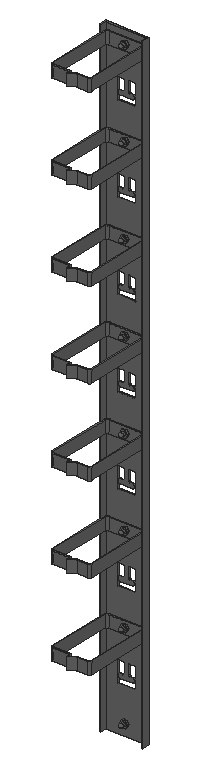
Revit family "Eurolan_Вертикальный организатор Zero-U с 8 металлическими кольцами", category Устройства связи, Revit 2019
Family settings
  Сохранять ориентацию аннотаций = Нет
  Размер круглого соединителя = Использовать диаметр
  Тип детали = Нормальный
  На основе рабочей плоскости = Нет
  Всегда вертикально = Да
  При загрузке вырезать с полостями = Нет
  Общий = Нет
  Точка расчета площади = Нет
Parameters (values of type "Вертикальный организатор Zero-U_с 8 металлическими кольцами")
  ADSK_Примечание = ""
  ADSK_Позиция = ""
  ADSK_Наименование краткое = "Вертикальный организатор Zero-U"
  ADSK_Наименование = "Вертикальный организатор Zero-U, с 8 металлическими кольцами, черный"
  ADSK_Материал = RAL9005
  ADSK_Масса = 0
  ADSK_Марка = "Zero-U"
  ADSK_Количество = 1  # constant formula
  ADSK_Код изделия = "60A-18-16-33BL"
  ADSK_Завод-изготовитель = "Eurolan"  # constant formula
  ADSK_Единица измерения = "шт"  # constant formula
Reference planes
  plane 1 "По центру (Вперед/Назад)": y = 0
  plane 2: z = 0
  plane 3 "По центру (Влево/Вправо)": x = 0
Dimensions and locks
  aligned and locked: level to plane 2
Nested families
  nested 1: "Вертикальный организатор Zero-U" at (0, 0, 0), type "Zero-U_с 8 металлическими кольцами"
Definition of nested family "Вертикальный организатор Zero-U"
  Parameters (values of type "Zero-U_с 8 металлическими кольцами")
    Ширина = 800 mm
    Глубина = 100.2 mm
    Высота = 55 mm
    ADSK_Материал = none
  Reference planes
    plane 1 "По центру (Вперед/Назад)": y = 0
    plane 2: z = 0
    plane 3 "По центру (Влево/Вправо)": x = 0
    plane 4: x = 27.5
    plane 5: x = -27.5
    plane 6: x = 400
    plane 7: y = 100.2
    plane 8: y = 95.2
  Forms (mm)
    Extrusion 1, solid, material <- "ADSK_Материал", detail levels fine
      sketch origin (0, 0, 0) x (1, 0, 0) y (0, 1, 0)
        loop
          line (27.5, 95.2) -> (-27.5, 95.2) -> (-27.5, 85.2) -> (-26, 85.2) -> (-26, 93.7) -> (26, 93.7) -> (26, 85.2) -> (27.5, 85.2) -> (27.5, 95.2)
      from -400 to 400
    Extrusion 2, void
      sketch origin (0, 0, 0) x (0, 0, -1) y (1, 0, 0)
        loop
          line (-343.571, 2.386) -> (-330.624, 2.386)
          arc (-330.624, 2.386) -> (-329.451, 3.265) -> (-328.571, 4.439) r 5.172
          line (-328.571, 4.439) -> (-328.571, 8.572)
          arc (-328.571, 8.572) -> (-326.071, 10.386) -> (-323.571, 8.572) r 2.63
          line (-323.571, 8.572) -> (-323.571, -5.614) -> (-323.571, -8.572)
          arc (-323.571, -8.572) -> (-326.071, -10.386) -> (-328.571, -8.572) r 2.63
          line (-328.571, -8.572) -> (-328.571, -4.439)
          arc (-328.571, -4.439) -> (-329.298, -3.425) -> (-330.246, -2.614) r 5.172
          line (-330.246, -2.614) -> (-343.571, -2.614) -> (-343.571, -11.593) -> (-316.429, -11.593) -> (-316.429, 11.593) -> (-343.571, 11.593) -> (-343.571, 2.386)
        loop
          line (-233.571, 2.386) -> (-220.624, 2.386)
          arc (-220.624, 2.386) -> (-219.451, 3.265) -> (-218.571, 4.439) r 5.172
          line (-218.571, 4.439) -> (-218.571, 8.572)
          arc (-218.571, 8.572) -> (-216.071, 10.386) -> (-213.571, 8.572) r 2.63
          line (-213.571, 8.572) -> (-213.571, -5.614) -> (-213.571, -8.572)
          arc (-213.571, -8.572) -> (-216.071, -10.386) -> (-218.571, -8.572) r 2.63
          line (-218.571, -8.572) -> (-218.571, -4.439)
          arc (-218.571, -4.439) -> (-219.298, -3.425) -> (-220.246, -2.614) r 5.172
          line (-220.246, -2.614) -> (-233.571, -2.614) -> (-233.571, -11.593) -> (-206.429, -11.593) -> (-206.429, 11.593) -> (-233.571, 11.593) -> (-233.571, 2.386)
        loop
          line (-123.571, 2.386) -> (-110.624, 2.386)
          arc (-110.624, 2.386) -> (-109.451, 3.265) -> (-108.571, 4.439) r 5.172
          line (-108.571, 4.439) -> (-108.571, 8.572)
          arc (-108.571, 8.572) -> (-106.071, 10.386) -> (-103.571, 8.572) r 2.63
          line (-103.571, 8.572) -> (-103.571, -5.614) -> (-103.571, -8.572)
          arc (-103.571, -8.572) -> (-106.071, -10.386) -> (-108.571, -8.572) r 2.63
          line (-108.571, -8.572) -> (-108.571, -4.439)
          arc (-108.571, -4.439) -> (-109.298, -3.425) -> (-110.246, -2.614) r 5.172
          line (-110.246, -2.614) -> (-123.571, -2.614) -> (-123.571, -11.593) -> (-96.429, -11.593) -> (-96.429, 11.593) -> (-123.571, 11.593) -> (-123.571, 2.386)
        loop
          line (-13.571, 2.386) -> (-0.624, 2.386)
          arc (-0.624, 2.386) -> (0.549, 3.265) -> (1.429, 4.439) r 5.172
          line (1.429, 4.439) -> (1.429, 8.572)
          arc (1.429, 8.572) -> (3.929, 10.386) -> (6.429, 8.572) r 2.63
          line (6.429, 8.572) -> (6.429, -5.614) -> (6.429, -8.572)
          arc (6.429, -8.572) -> (3.929, -10.386) -> (1.429, -8.572) r 2.63
          line (1.429, -8.572) -> (1.429, -4.439)
          arc (1.429, -4.439) -> (0.702, -3.425) -> (-0.246, -2.614) r 5.172
          line (-0.246, -2.614) -> (-13.571, -2.614) -> (-13.571, -11.593) -> (13.571, -11.593) -> (13.571, 11.593) -> (-13.571, 11.593) -> (-13.571, 2.386)
        loop
          line (96.429, 2.386) -> (109.376, 2.386)
          arc (109.376, 2.386) -> (110.549, 3.265) -> (111.429, 4.439) r 5.172
          line (111.429, 4.439) -> (111.429, 8.572)
          arc (111.429, 8.572) -> (113.929, 10.386) -> (116.429, 8.572) r 2.63
          line (116.429, 8.572) -> (116.429, -5.614) -> (116.429, -8.572)
          arc (116.429, -8.572) -> (113.929, -10.386) -> (111.429, -8.572) r 2.63
          line (111.429, -8.572) -> (111.429, -4.439)
          arc (111.429, -4.439) -> (110.702, -3.425) -> (109.754, -2.614) r 5.172
          line (109.754, -2.614) -> (96.429, -2.614) -> (96.429, -11.593) -> (123.571, -11.593) -> (123.571, 11.593) -> (96.429, 11.593) -> (96.429, 2.386)
        loop
          line (206.429, 2.386) -> (219.376, 2.386)
          arc (219.376, 2.386) -> (220.549, 3.265) -> (221.429, 4.439) r 5.172
          line (221.429, 4.439) -> (221.429, 8.572)
          arc (221.429, 8.572) -> (223.929, 10.386) -> (226.429, 8.572) r 2.63
          line (226.429, 8.572) -> (226.429, -5.614) -> (226.429, -8.572)
          arc (226.429, -8.572) -> (223.929, -10.386) -> (221.429, -8.572) r 2.63
          line (221.429, -8.572) -> (221.429, -4.439)
          arc (221.429, -4.439) -> (220.702, -3.425) -> (219.754, -2.614) r 5.172
          line (219.754, -2.614) -> (206.429, -2.614) -> (206.429, -11.593) -> (233.571, -11.593) -> (233.571, 11.593) -> (206.429, 11.593) -> (206.429, 2.386)
        loop
          line (316.429, 2.386) -> (329.376, 2.386)
          arc (329.376, 2.386) -> (330.549, 3.265) -> (331.429, 4.439) r 5.172
          line (331.429, 4.439) -> (331.429, 8.572)
          arc (331.429, 8.572) -> (333.929, 10.386) -> (336.429, 8.572) r 2.63
          line (336.429, 8.572) -> (336.429, -5.614) -> (336.429, -8.572)
          arc (336.429, -8.572) -> (333.929, -10.386) -> (331.429, -8.572) r 2.63
          line (331.429, -8.572) -> (331.429, -4.439)
          arc (331.429, -4.439) -> (330.702, -3.425) -> (329.754, -2.614) r 5.172
          line (329.754, -2.614) -> (316.429, -2.614) -> (316.429, -11.593) -> (343.571, -11.593) -> (343.571, 11.593) -> (316.429, 11.593) -> (316.429, 2.386)
      from -95.2 to -93.7
    Extrusion 3, solid, material <- "ADSK_Материал", detail levels fine
      sketch origin (0, 0, 0) x (1, 0, 0) y (0, 1, 0)
        loop
          line (-25.192, 88.167) -> (-25.192, 7.399)
          arc (-25.192, 7.399) -> (-24.313, 5.278) -> (-22.192, 4.399) r 3
          line (-22.192, 4.399) -> (0, 4.399) -> (0, 5.899) -> (-22.192, 5.899)
          arc (-22.192, 5.899) -> (-23.253, 6.339) -> (-23.692, 7.399) r 1.5
          line (-23.692, 7.399) -> (-23.692, 88.167)
          arc (-23.692, 88.167) -> (-22.667, 90.641) -> (-20.192, 91.667) r 3.5
          line (-20.192, 91.667) -> (20.192, 91.667)
          arc (20.192, 91.667) -> (22.667, 90.641) -> (23.692, 88.167) r 3.5
          line (23.692, 88.167) -> (23.692, 7.399)
          arc (23.692, 7.399) -> (23.253, 6.339) -> (22.192, 5.899) r 1.5
          line (22.192, 5.899) -> (7.832, 5.899) -> (0, 1.702) -> (0, 0) -> (8.209, 4.399) -> (22.192, 4.399)
          arc (22.192, 4.399) -> (24.313, 5.278) -> (25.192, 7.399) r 3
          line (25.192, 7.399) -> (25.192, 88.167)
          arc (25.192, 88.167) -> (23.727, 91.702) -> (20.192, 93.167) r 5
          line (20.192, 93.167) -> (-20.192, 93.167)
          arc (-20.192, 93.167) -> (-23.727, 91.702) -> (-25.192, 88.167) r 5
      from 376.784 to 391.784
    Extrusion 4, solid, material <- "ADSK_Материал", detail levels fine
      sketch origin (0, 0, 0) x (0, 1, 0) y (-1, 0, 0)
        loop
          line (88.167, 25.192) -> (7.399, 25.192)
          arc (7.399, 25.192) -> (5.278, 24.313) -> (4.399, 22.192) r 3
          line (4.399, 22.192) -> (4.399, 0) -> (5.899, 0) -> (5.899, 22.192)
          arc (5.899, 22.192) -> (6.339, 23.253) -> (7.399, 23.692) r 1.5
          line (7.399, 23.692) -> (88.167, 23.692)
          arc (88.167, 23.692) -> (90.641, 22.667) -> (91.667, 20.192) r 3.5
          line (91.667, 20.192) -> (91.667, -20.192)
          arc (91.667, -20.192) -> (90.641, -22.667) -> (88.167, -23.692) r 3.5
          line (88.167, -23.692) -> (7.399, -23.692)
          arc (7.399, -23.692) -> (6.339, -23.253) -> (5.899, -22.192) r 1.5
          line (5.899, -22.192) -> (5.899, -7.832) -> (1.702, 0) -> (0, 0) -> (4.399, -8.209) -> (4.399, -22.192)
          arc (4.399, -22.192) -> (5.278, -24.313) -> (7.399, -25.192) r 3
          line (7.399, -25.192) -> (88.167, -25.192)
          arc (88.167, -25.192) -> (91.702, -23.727) -> (93.167, -20.192) r 5
          line (93.167, -20.192) -> (93.167, 20.192)
          arc (93.167, 20.192) -> (91.702, 23.727) -> (88.167, 25.192) r 5
      from 376.784 to 391.784
    Extrusion 5, solid, material <- "ADSK_Материал", detail levels fine
      sketch origin (0, 0, -110) x (0, 1, 0) y (-1, 0, 0)
        loop
          line (88.167, 25.192) -> (7.399, 25.192)
          arc (7.399, 25.192) -> (5.278, 24.313) -> (4.399, 22.192) r 3
          line (4.399, 22.192) -> (4.399, 0) -> (5.899, 0) -> (5.899, 22.192)
          arc (5.899, 22.192) -> (6.339, 23.253) -> (7.399, 23.692) r 1.5
          line (7.399, 23.692) -> (88.167, 23.692)
          arc (88.167, 23.692) -> (90.641, 22.667) -> (91.667, 20.192) r 3.5
          line (91.667, 20.192) -> (91.667, -20.192)
          arc (91.667, -20.192) -> (90.641, -22.667) -> (88.167, -23.692) r 3.5
          line (88.167, -23.692) -> (7.399, -23.692)
          arc (7.399, -23.692) -> (6.339, -23.253) -> (5.899, -22.192) r 1.5
          line (5.899, -22.192) -> (5.899, -7.832) -> (1.702, 0) -> (0, 0) -> (4.399, -8.209) -> (4.399, -22.192)
          arc (4.399, -22.192) -> (5.278, -24.313) -> (7.399, -25.192) r 3
          line (7.399, -25.192) -> (88.167, -25.192)
          arc (88.167, -25.192) -> (91.702, -23.727) -> (93.167, -20.192) r 5
          line (93.167, -20.192) -> (93.167, 20.192)
          arc (93.167, 20.192) -> (91.702, 23.727) -> (88.167, 25.192) r 5
      from 376.784 to 391.784
    Extrusion 6, solid, material <- "ADSK_Материал", detail levels fine
      sketch origin (0, 0, -220) x (0, 1, 0) y (-1, 0, 0)
        loop
          line (88.167, 25.192) -> (7.399, 25.192)
          arc (7.399, 25.192) -> (5.278, 24.313) -> (4.399, 22.192) r 3
          line (4.399, 22.192) -> (4.399, 0) -> (5.899, 0) -> (5.899, 22.192)
          arc (5.899, 22.192) -> (6.339, 23.253) -> (7.399, 23.692) r 1.5
          line (7.399, 23.692) -> (88.167, 23.692)
          arc (88.167, 23.692) -> (90.641, 22.667) -> (91.667, 20.192) r 3.5
          line (91.667, 20.192) -> (91.667, -20.192)
          arc (91.667, -20.192) -> (90.641, -22.667) -> (88.167, -23.692) r 3.5
          line (88.167, -23.692) -> (7.399, -23.692)
          arc (7.399, -23.692) -> (6.339, -23.253) -> (5.899, -22.192) r 1.5
          line (5.899, -22.192) -> (5.899, -7.832) -> (1.702, 0) -> (0, 0) -> (4.399, -8.209) -> (4.399, -22.192)
          arc (4.399, -22.192) -> (5.278, -24.313) -> (7.399, -25.192) r 3
          line (7.399, -25.192) -> (88.167, -25.192)
          arc (88.167, -25.192) -> (91.702, -23.727) -> (93.167, -20.192) r 5
          line (93.167, -20.192) -> (93.167, 20.192)
          arc (93.167, 20.192) -> (91.702, 23.727) -> (88.167, 25.192) r 5
      from 376.784 to 391.784
    Extrusion 7, solid, material <- "ADSK_Материал", detail levels fine
      sketch origin (0, 0, -330) x (0, 1, 0) y (-1, 0, 0)
        loop
          line (88.167, 25.192) -> (7.399, 25.192)
          arc (7.399, 25.192) -> (5.278, 24.313) -> (4.399, 22.192) r 3
          line (4.399, 22.192) -> (4.399, 0) -> (5.899, 0) -> (5.899, 22.192)
          arc (5.899, 22.192) -> (6.339, 23.253) -> (7.399, 23.692) r 1.5
          line (7.399, 23.692) -> (88.167, 23.692)
          arc (88.167, 23.692) -> (90.641, 22.667) -> (91.667, 20.192) r 3.5
          line (91.667, 20.192) -> (91.667, -20.192)
          arc (91.667, -20.192) -> (90.641, -22.667) -> (88.167, -23.692) r 3.5
          line (88.167, -23.692) -> (7.399, -23.692)
          arc (7.399, -23.692) -> (6.339, -23.253) -> (5.899, -22.192) r 1.5
          line (5.899, -22.192) -> (5.899, -7.832) -> (1.702, 0) -> (0, 0) -> (4.399, -8.209) -> (4.399, -22.192)
          arc (4.399, -22.192) -> (5.278, -24.313) -> (7.399, -25.192) r 3
          line (7.399, -25.192) -> (88.167, -25.192)
          arc (88.167, -25.192) -> (91.702, -23.727) -> (93.167, -20.192) r 5
          line (93.167, -20.192) -> (93.167, 20.192)
          arc (93.167, 20.192) -> (91.702, 23.727) -> (88.167, 25.192) r 5
      from 376.784 to 391.784
    Extrusion 8, solid, material <- "ADSK_Материал", detail levels fine
      sketch origin (0, 0, -440) x (0, 1, 0) y (-1, 0, 0)
        loop
          line (88.167, 25.192) -> (7.399, 25.192)
          arc (7.399, 25.192) -> (5.278, 24.313) -> (4.399, 22.192) r 3
          line (4.399, 22.192) -> (4.399, 0) -> (5.899, 0) -> (5.899, 22.192)
          arc (5.899, 22.192) -> (6.339, 23.253) -> (7.399, 23.692) r 1.5
          line (7.399, 23.692) -> (88.167, 23.692)
          arc (88.167, 23.692) -> (90.641, 22.667) -> (91.667, 20.192) r 3.5
          line (91.667, 20.192) -> (91.667, -20.192)
          arc (91.667, -20.192) -> (90.641, -22.667) -> (88.167, -23.692) r 3.5
          line (88.167, -23.692) -> (7.399, -23.692)
          arc (7.399, -23.692) -> (6.339, -23.253) -> (5.899, -22.192) r 1.5
          line (5.899, -22.192) -> (5.899, -7.832) -> (1.702, 0) -> (0, 0) -> (4.399, -8.209) -> (4.399, -22.192)
          arc (4.399, -22.192) -> (5.278, -24.313) -> (7.399, -25.192) r 3
          line (7.399, -25.192) -> (88.167, -25.192)
          arc (88.167, -25.192) -> (91.702, -23.727) -> (93.167, -20.192) r 5
          line (93.167, -20.192) -> (93.167, 20.192)
          arc (93.167, 20.192) -> (91.702, 23.727) -> (88.167, 25.192) r 5
      from 376.784 to 391.784
    Extrusion 9, solid, material <- "ADSK_Материал", detail levels fine
      sketch origin (0, 0, -550) x (0, 1, 0) y (-1, 0, 0)
        loop
          line (88.167, 25.192) -> (7.399, 25.192)
          arc (7.399, 25.192) -> (5.278, 24.313) -> (4.399, 22.192) r 3
          line (4.399, 22.192) -> (4.399, 0) -> (5.899, 0) -> (5.899, 22.192)
          arc (5.899, 22.192) -> (6.339, 23.253) -> (7.399, 23.692) r 1.5
          line (7.399, 23.692) -> (88.167, 23.692)
          arc (88.167, 23.692) -> (90.641, 22.667) -> (91.667, 20.192) r 3.5
          line (91.667, 20.192) -> (91.667, -20.192)
          arc (91.667, -20.192) -> (90.641, -22.667) -> (88.167, -23.692) r 3.5
          line (88.167, -23.692) -> (7.399, -23.692)
          arc (7.399, -23.692) -> (6.339, -23.253) -> (5.899, -22.192) r 1.5
          line (5.899, -22.192) -> (5.899, -7.832) -> (1.702, 0) -> (0, 0) -> (4.399, -8.209) -> (4.399, -22.192)
          arc (4.399, -22.192) -> (5.278, -24.313) -> (7.399, -25.192) r 3
          line (7.399, -25.192) -> (88.167, -25.192)
          arc (88.167, -25.192) -> (91.702, -23.727) -> (93.167, -20.192) r 5
          line (93.167, -20.192) -> (93.167, 20.192)
          arc (93.167, 20.192) -> (91.702, 23.727) -> (88.167, 25.192) r 5
      from 376.784 to 391.784
    Extrusion 10, solid, material <- "ADSK_Материал", detail levels fine
      sketch origin (0, 0, -660) x (0, 1, 0) y (-1, 0, 0)
        loop
          line (88.167, 25.192) -> (7.399, 25.192)
          arc (7.399, 25.192) -> (5.278, 24.313) -> (4.399, 22.192) r 3
          line (4.399, 22.192) -> (4.399, 0) -> (5.899, 0) -> (5.899, 22.192)
          arc (5.899, 22.192) -> (6.339, 23.253) -> (7.399, 23.692) r 1.5
          line (7.399, 23.692) -> (88.167, 23.692)
          arc (88.167, 23.692) -> (90.641, 22.667) -> (91.667, 20.192) r 3.5
          line (91.667, 20.192) -> (91.667, -20.192)
          arc (91.667, -20.192) -> (90.641, -22.667) -> (88.167, -23.692) r 3.5
          line (88.167, -23.692) -> (7.399, -23.692)
          arc (7.399, -23.692) -> (6.339, -23.253) -> (5.899, -22.192) r 1.5
          line (5.899, -22.192) -> (5.899, -7.832) -> (1.702, 0) -> (0, 0) -> (4.399, -8.209) -> (4.399, -22.192)
          arc (4.399, -22.192) -> (5.278, -24.313) -> (7.399, -25.192) r 3
          line (7.399, -25.192) -> (88.167, -25.192)
          arc (88.167, -25.192) -> (91.702, -23.727) -> (93.167, -20.192) r 5
          line (93.167, -20.192) -> (93.167, 20.192)
          arc (93.167, 20.192) -> (91.702, 23.727) -> (88.167, 25.192) r 5
      from 376.784 to 391.784
    Extrusion 11, solid, material <- "ADSK_Материал", detail levels fine
      sketch origin (0, 0, 0) x (0, 0, -1) y (1, 0, 0)
        loop
          circle (-296.506, 0) r 10
        loop
          circle (296.506, 0) r 10
      from -96.896 to -95.2
    Blend 12, solid, material <- "ADSK_Материал", detail levels fine
      base sketch origin (0, 0, 0) x (0, 0, -1) y (1, 0, 0)
        loop
          circle (-296.506, 0) r 2.5
      top sketch origin (0, 0, 0) x (0, 0, -1) y (1, 0, 0)
        loop
          circle (-296.506, 0) r 8.53
      from -96.896 to -100.2
    Blend 13, solid, material <- "ADSK_Материал", detail levels fine
      base sketch origin (0, 0, 0) x (0, 0, 1) y (-1, 0, 0)
        loop
          circle (-296.506, 0) r 2.5
      top sketch origin (0, 0, 0) x (0, 0, 1) y (-1, 0, 0)
        loop
          circle (-296.506, 0) r 8.53
      from -96.896 to -100.2
    Extrusion 14, solid, material <- "ADSK_Материал", detail levels fine
      sketch origin (0, 0, 0) x (0, 0, -1) y (1, 0, 0)
        loop
          line (-384.284, -5) -> (-379.954, -2.5) -> (-379.954, 2.5) -> (-384.284, 5) -> (-388.614, 2.5) -> (-388.614, -2.5) -> (-384.284, -5)
        loop
          line (-274.284, -5) -> (-269.954, -2.5) -> (-269.954, 2.5) -> (-274.284, 5) -> (-278.614, 2.5) -> (-278.614, -2.5) -> (-274.284, -5)
        loop
          line (-164.284, -5) -> (-159.954, -2.5) -> (-159.954, 2.5) -> (-164.284, 5) -> (-168.614, 2.5) -> (-168.614, -2.5) -> (-164.284, -5)
        loop
          line (-54.284, -5) -> (-49.954, -2.5) -> (-49.954, 2.5) -> (-54.284, 5) -> (-58.614, 2.5) -> (-58.614, -2.5) -> (-54.284, -5)
        loop
          line (55.716, -5) -> (60.046, -2.5) -> (60.046, 2.5) -> (55.716, 5) -> (51.386, 2.5) -> (51.386, -2.5) -> (55.716, -5)
        loop
          line (165.716, -5) -> (170.046, -2.5) -> (170.046, 2.5) -> (165.716, 5) -> (161.386, 2.5) -> (161.386, -2.5) -> (165.716, -5)
        loop
          line (275.716, -5) -> (280.046, -2.5) -> (280.046, 2.5) -> (275.716, 5) -> (271.386, 2.5) -> (271.386, -2.5) -> (275.716, -5)
        loop
          line (384.284, -5) -> (388.614, -2.5) -> (388.614, 2.5) -> (384.284, 5) -> (379.954, 2.5) -> (379.954, -2.5) -> (384.284, -5)
      from -91.667 to -89.284
    Revolve 15, solid, material <- "ADSK_Материал", detail levels fine
      sketch origin (-0.067, 0, -55.609) x (0, 1, 0) y (-1, 0, 0)
        loop
          line (89.284, 0) -> (83.08, 0)
          arc (83.08, 0) -> (83.689, -1.625) -> (85.284, -2.307) r 2.207
          line (85.284, -2.307) -> (89.284, -2.307) -> (89.284, 0)
        axis (89.284, 0) -> (83.08, 0)
      angle from 0 to 360
    Revolve 16, solid, material <- "ADSK_Материал", detail levels fine
      sketch origin (-0.041, 0, -165.784) x (0, 1, 0) y (-1, 0, 0)
        loop
          line (89.284, 0) -> (83.08, 0)
          arc (83.08, 0) -> (83.689, -1.625) -> (85.284, -2.307) r 2.207
          line (85.284, -2.307) -> (89.284, -2.307) -> (89.284, 0)
        axis (89.284, 0) -> (83.08, 0)
      angle from 0 to 360
    Revolve 17, solid, material <- "ADSK_Материал", detail levels fine
      sketch origin (-0.041, 0, -275.784) x (0, 1, 0) y (-1, 0, 0)
        loop
          line (89.284, 0) -> (83.08, 0)
          arc (83.08, 0) -> (83.689, -1.625) -> (85.284, -2.307) r 2.207
          line (85.284, -2.307) -> (89.284, -2.307) -> (89.284, 0)
        axis (89.284, 0) -> (83.08, 0)
      angle from 0 to 360
    Revolve 18, solid, material <- "ADSK_Материал", detail levels fine
      sketch origin (-0.041, 0, -384.353) x (0, 1, 0) y (-1, 0, 0)
        loop
          line (89.284, 0) -> (83.08, 0)
          arc (83.08, 0) -> (83.689, -1.625) -> (85.284, -2.307) r 2.207
          line (85.284, -2.307) -> (89.284, -2.307) -> (89.284, 0)
        axis (89.284, 0) -> (83.08, 0)
      angle from 0 to 360
    Revolve 19, solid, material <- "ADSK_Материал", detail levels fine
      sketch origin (-0.067, 0, 54.391) x (0, 1, 0) y (-1, 0, 0)
        loop
          line (89.284, 0) -> (83.08, 0)
          arc (83.08, 0) -> (83.689, -1.625) -> (85.284, -2.307) r 2.207
          line (85.284, -2.307) -> (89.284, -2.307) -> (89.284, 0)
        axis (89.284, 0) -> (83.08, 0)
      angle from 0 to 360
    Revolve 20, solid, material <- "ADSK_Материал", detail levels fine
      sketch origin (-0.067, 0, 164.391) x (0, 1, 0) y (-1, 0, 0)
        loop
          line (89.284, 0) -> (83.08, 0)
          arc (83.08, 0) -> (83.689, -1.625) -> (85.284, -2.307) r 2.207
          line (85.284, -2.307) -> (89.284, -2.307) -> (89.284, 0)
        axis (89.284, 0) -> (83.08, 0)
      angle from 0 to 360
    Revolve 21, solid, material <- "ADSK_Материал", detail levels fine
      sketch origin (-0.067, 0, 274.391) x (0, 1, 0) y (-1, 0, 0)
        loop
          line (89.284, 0) -> (83.08, 0)
          arc (83.08, 0) -> (83.689, -1.625) -> (85.284, -2.307) r 2.207
          line (85.284, -2.307) -> (89.284, -2.307) -> (89.284, 0)
        axis (89.284, 0) -> (83.08, 0)
      angle from 0 to 360
    Revolve 22, solid, material <- "ADSK_Материал", detail levels fine
      sketch origin (-0.067, 0, 384.391) x (0, 1, 0) y (-1, 0, 0)
        loop
          line (89.284, 0) -> (83.08, 0)
          arc (83.08, 0) -> (83.689, -1.625) -> (85.284, -2.307) r 2.207
          line (85.284, -2.307) -> (89.284, -2.307) -> (89.284, 0)
        axis (89.284, 0) -> (83.08, 0)
      angle from 0 to 360
    Extrusion 23, solid, material <- "ADSK_Материал", detail levels coarse
      sketch origin (-20.271, 0, 0) x (1, 0, 0) y (0, 1, 0)
        loop
          line (47.771, 0) -> (47.771, 100.2) -> (-7.229, 100.2) -> (-7.229, 0) -> (47.771, 0)
      from -400 to 400
    Extrusion 24, solid, material <- "ADSK_Материал", detail levels medium
      sketch origin (0, 0, 0) x (1, 0, 0) y (0, 1, 0)
        loop
          line (27.5, 85.2) -> (27.5, 95.2) -> (-27.5, 95.2) -> (-27.5, 85.2) -> (-26, 85.2) -> (-26, 93.7) -> (26, 93.7) -> (26, 85.2) -> (27.5, 85.2)
      from -400 to 400
    Extrusion 25, solid, material <- "ADSK_Материал", detail levels medium
      sketch origin (0, 0, 0) x (1, 0, 0) y (0, 1, 0)
        loop
          line (25.192, 93.167) -> (-25.192, 93.167) -> (-25.192, 0) -> (25.192, 0) -> (25.192, 93.167)
      from 391.784 to 376.784
    Extrusion 26, solid, material <- "ADSK_Материал", detail levels medium
      sketch origin (0, 0, -664.246) x (0, 1, 0) y (-1, 0, 0)
        loop
          line (93.167, -25.192) -> (93.167, 25.192) -> (0, 25.192) -> (0, -25.192) -> (93.167, -25.192)
      from 396.03 to 381.03
    Extrusion 27, solid, material <- "ADSK_Материал", detail levels medium
      sketch origin (0, 0, -554.246) x (0, 1, 0) y (-1, 0, 0)
        loop
          line (93.167, -25.192) -> (93.167, 25.192) -> (0, 25.192) -> (0, -25.192) -> (93.167, -25.192)
      from 396.03 to 381.03
    Extrusion 28, solid, material <- "ADSK_Материал", detail levels medium
      sketch origin (0, 0, -444.246) x (0, 1, 0) y (-1, 0, 0)
        loop
          line (93.167, -25.192) -> (93.167, 25.192) -> (0, 25.192) -> (0, -25.192) -> (93.167, -25.192)
      from 396.03 to 381.03
    Extrusion 29, solid, material <- "ADSK_Материал", detail levels medium
      sketch origin (0, 0, -334.246) x (0, 1, 0) y (-1, 0, 0)
        loop
          line (93.167, -25.192) -> (93.167, 25.192) -> (0, 25.192) -> (0, -25.192) -> (93.167, -25.192)
      from 396.03 to 381.03
    Extrusion 30, solid, material <- "ADSK_Материал", detail levels medium
      sketch origin (0, 0, -224.246) x (0, 1, 0) y (-1, 0, 0)
        loop
          line (93.167, -25.192) -> (93.167, 25.192) -> (0, 25.192) -> (0, -25.192) -> (93.167, -25.192)
      from 396.03 to 381.03
    Extrusion 31, solid, material <- "ADSK_Материал", detail levels medium
      sketch origin (0, 0, -114.246) x (0, 1, 0) y (-1, 0, 0)
        loop
          line (93.167, -25.192) -> (93.167, 25.192) -> (0, 25.192) -> (0, -25.192) -> (93.167, -25.192)
      from 396.03 to 381.03
    Extrusion 32, solid, material <- "ADSK_Материал", detail levels medium
      sketch origin (0, 0, -4.246) x (0, 1, 0) y (-1, 0, 0)
        loop
          line (93.167, -25.192) -> (93.167, 25.192) -> (0, 25.192) -> (0, -25.192) -> (93.167, -25.192)
      from 396.03 to 381.03
    Extrusion 33, solid, material <- "ADSK_Материал", detail levels medium
      sketch origin (0, 0, 0) x (0, 0, -1) y (1, 0, 0)
        loop
          circle (-296.539, 0) r 10.006
        loop
          circle (296.431, 0) r 10.019
      from -100.2 to -95.2
  Cuts and joins
    Extrusion 2 cuts Extrusion 1
  Dimensions and locks
    plane 4 to plane 5 = 55 mm
    "Высота": plane 4 to plane 5
    plane 6 to plane 3 "По центру (Влево/Вправо)" = 400 mm
    "Глубина": plane 7 to plane 1 "По центру (Вперед/Назад)"
    aligned and locked: level to plane 2
    aligned and locked: Extrusion 2 to plane 8
    aligned and locked: Extrusion 1 to Extrusion 2
    aligned and locked: Extrusion 11 to Blend 12
    aligned and locked: plane 7 to Blend 12
    aligned and locked: Extrusion 14 to Extrusion 3
  Automatic sketch dimensions
    Extrusion 1 sketch curve to plane 5 = 0 mm
    Extrusion 1 sketch curve to plane 4 = 0 mm
    Extrusion 1 sketch curve to plane 8 = 0 mm
    plane 5 to Extrusion 1 sketch curve = 1.5 mm
    Extrusion 1 sketch curve to Extrusion 1 sketch curve = 1.5 mm
    Extrusion 1 sketch curve to plane 8 = 1.5 mm
    Extrusion 1 sketch curve to Extrusion 1 sketch curve = 8.5 mm  (x2)
    plane 3 "По центру (Влево/Вправо)" to Extrusion 2 sketch curve = 2.386 mm  (x7)
    level to Extrusion 2 sketch curve = 343.571 mm
    Extrusion 2 sketch curve to Extrusion 2 sketch curve = 0 mm  (x6)
    Extrusion 2 sketch curve to Extrusion 2 sketch curve = 10.463 mm  (x14)
    Extrusion 2 sketch curve to Extrusion 2 sketch curve = 2.484 mm  (x7)
    Extrusion 2 sketch curve to Extrusion 2 sketch curve = 0.378 mm  (x7)
    Extrusion 2 sketch curve to Extrusion 2 sketch curve = 2.053 mm  (x12)
    Extrusion 2 sketch curve to Extrusion 2 sketch curve = 4.537 mm  (x9)
    Extrusion 2 sketch curve to Extrusion 2 sketch curve = 2.5 mm  (x21)
    Extrusion 2 sketch curve to Extrusion 2 sketch curve = 7.142 mm  (x7)
    Extrusion 2 sketch curve to Extrusion 2 sketch curve = 82.858 mm  (x5)
    level to Extrusion 2 sketch curve = 13.571 mm  (x2)
    Extrusion 2 sketch curve to Extrusion 2 sketch curve = 5 mm  (x7)
    Extrusion 2 sketch curve to Extrusion 2 sketch curve = 1.825 mm  (x7)
    Extrusion 2 sketch curve to Extrusion 2 sketch curve = 1.175 mm  (x7)
    Extrusion 2 sketch curve to Extrusion 2 sketch curve = 2.142 mm  (x7)
    Extrusion 2 sketch curve to Extrusion 2 sketch curve = 0.816 mm  (x14)
    Extrusion 2 sketch curve to Extrusion 2 sketch curve = 8.978 mm  (x5)
    Extrusion 2 sketch curve to Extrusion 2 sketch curve = 3.021 mm  (x8)
    Extrusion 2 sketch curve to Extrusion 2 sketch curve = 3.317 mm  (x7)
    plane 3 "По центру (Влево/Вправо)" to Extrusion 2 sketch curve = 11.593 mm
    Extrusion 3 sketch curve to Extrusion 3 sketch curve = 0 mm  (x9)
    plane 1 "По центру (Вперед/Назад)" to Extrusion 3 sketch curve = 0 mm
    plane 5 to Extrusion 3 sketch curve = 2.308 mm
    Extrusion 3 sketch curve to Extrusion 3 sketch curve = 1.5 mm  (x3)
    Extrusion 3 sketch curve to Extrusion 3 sketch curve = 3.5 mm
    Extrusion 3 sketch curve to plane 1 "По центру (Вперед/Назад)" = 5.899 mm
    Extrusion 3 sketch curve to plane 3 "По центру (Влево/Вправо)" = 0 mm
    Extrusion 3 sketch curve to Extrusion 3 sketch curve = 7.832 mm
    Extrusion 3 sketch curve to plane 1 "По центру (Вперед/Назад)" = 4.399 mm
    Extrusion 3 sketch curve to Extrusion 3 sketch curve = 0.377 mm
    plane 3 "По центру (Влево/Вправо)" to Extrusion 3 sketch curve = 20.192 mm
    plane 3 "По центру (Влево/Вправо)" to Extrusion 3 sketch curve = 22.192 mm
    Extrusion 3 sketch curve to plane 1 "По центру (Вперед/Назад)" = 1.702 mm
    Extrusion 3 sketch curve to plane 8 = 7.033 mm
    Extrusion 4 sketch curve to Extrusion 4 sketch curve = 0 mm  (x9)
    plane 1 "По центру (Вперед/Назад)" to Extrusion 4 sketch curve = 0 mm
    Extrusion 4 sketch curve to plane 1 "По центру (Вперед/Назад)" = 1.702 mm
    Extrusion 4 sketch curve to plane 1 "По центру (Вперед/Назад)" = 4.399 mm  (x2)
    Extrusion 4 sketch curve to Extrusion 4 sketch curve = 1.5 mm  (x3)
    Extrusion 4 sketch curve to plane 8 = 7.033 mm  (x2)
    plane 3 "По центру (Влево/Вправо)" to Extrusion 4 sketch curve = 20.192 mm
    Extrusion 4 sketch curve to Extrusion 4 sketch curve = 3.5 mm
    plane 3 "По центру (Влево/Вправо)" to Extrusion 4 sketch curve = 8.209 mm
    Extrusion 4 sketch curve to Extrusion 4 sketch curve = 0.377 mm
    Extrusion 4 sketch curve to Extrusion 4 sketch curve = 8.209 mm
    plane 5 to Extrusion 4 sketch curve = 7.308 mm
    Extrusion 5 sketch curve to Extrusion 5 sketch curve = 0 mm  (x9)
    plane 1 "По центру (Вперед/Назад)" to Extrusion 5 sketch curve = 0 mm
    Extrusion 5 sketch curve to plane 1 "По центру (Вперед/Назад)" = 1.702 mm
    Extrusion 5 sketch curve to plane 1 "По центру (Вперед/Назад)" = 4.399 mm  (x2)
    Extrusion 5 sketch curve to Extrusion 5 sketch curve = 1.5 mm  (x3)
    Extrusion 5 sketch curve to plane 8 = 7.033 mm  (x2)
    plane 3 "По центру (Влево/Вправо)" to Extrusion 5 sketch curve = 20.192 mm
    Extrusion 5 sketch curve to Extrusion 5 sketch curve = 3.5 mm
    plane 3 "По центру (Влево/Вправо)" to Extrusion 5 sketch curve = 8.209 mm
    Extrusion 5 sketch curve to Extrusion 5 sketch curve = 0.377 mm
    Extrusion 5 sketch curve to Extrusion 5 sketch curve = 8.209 mm
    plane 5 to Extrusion 5 sketch curve = 7.308 mm
    Extrusion 6 sketch curve to Extrusion 6 sketch curve = 0 mm  (x9)
    plane 1 "По центру (Вперед/Назад)" to Extrusion 6 sketch curve = 0 mm
    Extrusion 6 sketch curve to plane 1 "По центру (Вперед/Назад)" = 1.702 mm
    Extrusion 6 sketch curve to plane 1 "По центру (Вперед/Назад)" = 4.399 mm  (x2)
    Extrusion 6 sketch curve to Extrusion 6 sketch curve = 1.5 mm  (x3)
    Extrusion 6 sketch curve to plane 8 = 7.033 mm  (x2)
    plane 3 "По центру (Влево/Вправо)" to Extrusion 6 sketch curve = 20.192 mm
    Extrusion 6 sketch curve to Extrusion 6 sketch curve = 3.5 mm
    plane 3 "По центру (Влево/Вправо)" to Extrusion 6 sketch curve = 8.209 mm
    Extrusion 6 sketch curve to Extrusion 6 sketch curve = 0.377 mm
    Extrusion 6 sketch curve to Extrusion 6 sketch curve = 8.209 mm
    plane 5 to Extrusion 6 sketch curve = 7.308 mm
    Extrusion 7 sketch curve to Extrusion 7 sketch curve = 0 mm  (x9)
    plane 1 "По центру (Вперед/Назад)" to Extrusion 7 sketch curve = 0 mm
    Extrusion 7 sketch curve to plane 1 "По центру (Вперед/Назад)" = 1.702 mm
    Extrusion 7 sketch curve to plane 1 "По центру (Вперед/Назад)" = 4.399 mm  (x2)
    Extrusion 7 sketch curve to Extrusion 7 sketch curve = 1.5 mm  (x3)
    Extrusion 7 sketch curve to plane 8 = 7.033 mm  (x2)
    plane 3 "По центру (Влево/Вправо)" to Extrusion 7 sketch curve = 20.192 mm
    Extrusion 7 sketch curve to Extrusion 7 sketch curve = 3.5 mm
    plane 3 "По центру (Влево/Вправо)" to Extrusion 7 sketch curve = 8.209 mm
    Extrusion 7 sketch curve to Extrusion 7 sketch curve = 0.377 mm
    Extrusion 7 sketch curve to Extrusion 7 sketch curve = 8.209 mm
    plane 5 to Extrusion 7 sketch curve = 7.308 mm
    Extrusion 8 sketch curve to Extrusion 8 sketch curve = 0 mm  (x9)
    plane 1 "По центру (Вперед/Назад)" to Extrusion 8 sketch curve = 0 mm
    Extrusion 8 sketch curve to plane 1 "По центру (Вперед/Назад)" = 1.702 mm
    Extrusion 8 sketch curve to plane 1 "По центру (Вперед/Назад)" = 4.399 mm  (x2)
    Extrusion 8 sketch curve to Extrusion 8 sketch curve = 1.5 mm  (x3)
    Extrusion 8 sketch curve to plane 8 = 7.033 mm  (x2)
    plane 3 "По центру (Влево/Вправо)" to Extrusion 8 sketch curve = 20.192 mm
    Extrusion 8 sketch curve to Extrusion 8 sketch curve = 3.5 mm
    plane 3 "По центру (Влево/Вправо)" to Extrusion 8 sketch curve = 8.209 mm
    Extrusion 8 sketch curve to Extrusion 8 sketch curve = 0.377 mm
    Extrusion 8 sketch curve to Extrusion 8 sketch curve = 8.209 mm
    plane 5 to Extrusion 8 sketch curve = 7.308 mm
    Extrusion 9 sketch curve to Extrusion 9 sketch curve = 0 mm  (x9)
    plane 1 "По центру (Вперед/Назад)" to Extrusion 9 sketch curve = 0 mm
    Extrusion 9 sketch curve to plane 1 "По центру (Вперед/Назад)" = 1.702 mm
    Extrusion 9 sketch curve to plane 1 "По центру (Вперед/Назад)" = 4.399 mm  (x2)
    Extrusion 9 sketch curve to Extrusion 9 sketch curve = 1.5 mm  (x3)
    Extrusion 9 sketch curve to plane 8 = 7.033 mm  (x2)
    plane 3 "По центру (Влево/Вправо)" to Extrusion 9 sketch curve = 20.192 mm
    Extrusion 9 sketch curve to Extrusion 9 sketch curve = 3.5 mm
    plane 3 "По центру (Влево/Вправо)" to Extrusion 9 sketch curve = 8.209 mm
    Extrusion 9 sketch curve to Extrusion 9 sketch curve = 0.377 mm
    Extrusion 9 sketch curve to Extrusion 9 sketch curve = 8.209 mm
    plane 5 to Extrusion 9 sketch curve = 7.308 mm
    Extrusion 10 sketch curve to Extrusion 10 sketch curve = 0 mm  (x9)
    plane 1 "По центру (Вперед/Назад)" to Extrusion 10 sketch curve = 0 mm
    Extrusion 10 sketch curve to plane 1 "По центру (Вперед/Назад)" = 1.702 mm
    Extrusion 10 sketch curve to plane 1 "По центру (Вперед/Назад)" = 4.399 mm  (x2)
    Extrusion 10 sketch curve to Extrusion 10 sketch curve = 1.5 mm  (x3)
    Extrusion 10 sketch curve to plane 8 = 7.033 mm  (x2)
    plane 3 "По центру (Влево/Вправо)" to Extrusion 10 sketch curve = 20.192 mm
    Extrusion 10 sketch curve to Extrusion 10 sketch curve = 3.5 mm
    plane 3 "По центру (Влево/Вправо)" to Extrusion 10 sketch curve = 8.209 mm
    Extrusion 10 sketch curve to Extrusion 10 sketch curve = 0.377 mm
    Extrusion 10 sketch curve to Extrusion 10 sketch curve = 8.209 mm
    plane 5 to Extrusion 10 sketch curve = 7.308 mm
    Extrusion 11 sketch curve to plane 3 "По центру (Влево/Вправо)" = 0 mm  (x2)
    level to Extrusion 11 sketch curve = 296.506 mm
    Extrusion 11 sketch curve to level = 296.506 mm
    Blend 12 sketch curve to plane 3 "По центру (Влево/Вправо)" = 0 mm  (x2)
    level to Blend 12 sketch curve = 296.506 mm  (x2)
    plane 3 "По центру (Влево/Вправо)" to Blend 13 sketch curve = 0 mm  (x2)
    level to Blend 13 sketch curve = 296.506 mm  (x2)
    plane 3 "По центру (Влево/Вправо)" to Extrusion 14 sketch curve = 2.5 mm  (x6)
    level to Extrusion 14 sketch curve = 388.614 mm
    plane 3 "По центру (Влево/Вправо)" to Extrusion 14 sketch curve = 5 mm  (x8)
    Extrusion 14 sketch curve to Extrusion 14 sketch curve = 4.33 mm  (x24)
    plane 5 to Extrusion 14 sketch curve = 22.5 mm  (x7)
    Extrusion 14 sketch curve to Extrusion 14 sketch curve = 101.34 mm  (x4)
    level to Extrusion 14 sketch curve = 58.614 mm
    Extrusion 14 sketch curve to level = 51.386 mm
    Extrusion 14 sketch curve to plane 3 "По центру (Влево/Вправо)" = 2.5 mm  (x3)
    Extrusion 14 sketch curve to Extrusion 14 sketch curve = 99.908 mm
    Extrusion 14 sketch curve to Extrusion 14 sketch curve = 7.5 mm
    Extrusion 14 sketch curve to Extrusion 14 sketch curve = 2.5 mm  (x7)
    Extrusion 14 sketch curve to Extrusion 14 sketch curve = 5 mm  (x16)
    Revolve 15 sketch curve to plane 8 = 12.12 mm
    Revolve 15 sketch curve to Revolve 15 sketch curve = 2.204 mm
    Revolve 15 sketch curve to Revolve 15 sketch curve = 4 mm
    plane 3 "По центру (Влево/Вправо)" to Revolve 15 sketch curve = 2.24 mm
    Revolve 15 sketch curve to Revolve 15 sketch curve = 2.207 mm
    Revolve 15 sketch curve to Revolve 15 sketch curve = 0.04 mm
    Revolve 15 sketch curve to Revolve 15 sketch curve = 0 mm  (x2)
    Revolve 16 sketch curve to plane 8 = 12.12 mm
    Revolve 16 sketch curve to Revolve 16 sketch curve = 2.204 mm
    Revolve 16 sketch curve to Revolve 16 sketch curve = 4 mm
    plane 3 "По центру (Влево/Вправо)" to Revolve 16 sketch curve = 2.266 mm
    Revolve 16 sketch curve to Revolve 16 sketch curve = 2.207 mm
    Revolve 16 sketch curve to Revolve 16 sketch curve = 0.04 mm
    Revolve 16 sketch curve to Revolve 16 sketch curve = 0 mm  (x2)
    Revolve 17 sketch curve to plane 8 = 12.12 mm
    Revolve 17 sketch curve to Revolve 17 sketch curve = 2.204 mm
    Revolve 17 sketch curve to Revolve 17 sketch curve = 4 mm
    plane 3 "По центру (Влево/Вправо)" to Revolve 17 sketch curve = 2.266 mm
    Revolve 17 sketch curve to Revolve 17 sketch curve = 2.207 mm
    Revolve 17 sketch curve to Revolve 17 sketch curve = 0.04 mm
    Revolve 17 sketch curve to Revolve 17 sketch curve = 0 mm  (x2)
    Revolve 18 sketch curve to plane 8 = 12.12 mm
    Revolve 18 sketch curve to Revolve 18 sketch curve = 2.204 mm
    Revolve 18 sketch curve to Revolve 18 sketch curve = 4 mm
    plane 3 "По центру (Влево/Вправо)" to Revolve 18 sketch curve = 2.266 mm
    Revolve 18 sketch curve to Revolve 18 sketch curve = 2.207 mm
    Revolve 18 sketch curve to Revolve 18 sketch curve = 0.04 mm
    Revolve 18 sketch curve to Revolve 18 sketch curve = 0 mm  (x2)
    Revolve 19 sketch curve to plane 8 = 12.12 mm
    Revolve 19 sketch curve to Revolve 19 sketch curve = 2.204 mm
    Revolve 19 sketch curve to Revolve 19 sketch curve = 4 mm
    plane 3 "По центру (Влево/Вправо)" to Revolve 19 sketch curve = 2.24 mm
    Revolve 19 sketch curve to Revolve 19 sketch curve = 2.207 mm
    Revolve 19 sketch curve to Revolve 19 sketch curve = 0.04 mm
    Revolve 19 sketch curve to Revolve 19 sketch curve = 0 mm  (x2)
    Revolve 20 sketch curve to plane 8 = 12.12 mm
    Revolve 20 sketch curve to Revolve 20 sketch curve = 2.204 mm
    Revolve 20 sketch curve to Revolve 20 sketch curve = 4 mm
    plane 3 "По центру (Влево/Вправо)" to Revolve 20 sketch curve = 2.24 mm
    Revolve 20 sketch curve to Revolve 20 sketch curve = 2.207 mm
    Revolve 20 sketch curve to Revolve 20 sketch curve = 0.04 mm
    Revolve 20 sketch curve to Revolve 20 sketch curve = 0 mm  (x2)
    Revolve 21 sketch curve to plane 8 = 12.12 mm
    Revolve 21 sketch curve to Revolve 21 sketch curve = 2.204 mm
    Revolve 21 sketch curve to Revolve 21 sketch curve = 4 mm
    plane 3 "По центру (Влево/Вправо)" to Revolve 21 sketch curve = 2.24 mm
    Revolve 21 sketch curve to Revolve 21 sketch curve = 2.207 mm
    Revolve 21 sketch curve to Revolve 21 sketch curve = 0.04 mm
    Revolve 21 sketch curve to Revolve 21 sketch curve = 0 mm  (x2)
    Revolve 22 sketch curve to plane 8 = 12.12 mm
    Revolve 22 sketch curve to Revolve 22 sketch curve = 2.204 mm
    Revolve 22 sketch curve to Revolve 22 sketch curve = 4 mm
    plane 3 "По центру (Влево/Вправо)" to Revolve 22 sketch curve = 2.24 mm
    Revolve 22 sketch curve to Revolve 22 sketch curve = 2.207 mm
    Revolve 22 sketch curve to Revolve 22 sketch curve = 0.04 mm
    Revolve 22 sketch curve to Revolve 22 sketch curve = 0 mm  (x2)
    plane 1 "По центру (Вперед/Назад)" to Extrusion 23 sketch curve = 0 mm
    Extrusion 23 sketch curve to plane 7 = 0 mm
    plane 5 to Extrusion 23 sketch curve = 0 mm
    plane 4 to Extrusion 23 sketch curve = 0 mm
    Extrusion 24 sketch curve to plane 5 = 0 mm
    Extrusion 24 sketch curve to plane 4 = 0 mm
    Extrusion 24 sketch curve to plane 8 = 0 mm
    plane 5 to Extrusion 24 sketch curve = 1.5 mm
    Extrusion 24 sketch curve to Extrusion 24 sketch curve = 1.5 mm
    Extrusion 24 sketch curve to plane 8 = 1.5 mm
    Extrusion 24 sketch curve to Extrusion 24 sketch curve = 8.5 mm  (x2)
    plane 1 "По центру (Вперед/Назад)" to Extrusion 25 sketch curve = 0 mm
    plane 5 to Extrusion 25 sketch curve = 2.308 mm
    Extrusion 25 sketch curve to plane 4 = 2.308 mm
    Extrusion 25 sketch curve to plane 8 = 2.033 mm
    plane 1 "По центру (Вперед/Назад)" to Extrusion 26 sketch curve = 0 mm
    Extrusion 26 sketch curve to plane 8 = 2.033 mm
    Extrusion 26 sketch curve to plane 4 = 2.308 mm
    plane 5 to Extrusion 26 sketch curve = 2.308 mm
    plane 1 "По центру (Вперед/Назад)" to Extrusion 27 sketch curve = 0 mm
    Extrusion 27 sketch curve to plane 8 = 2.033 mm
    Extrusion 27 sketch curve to plane 4 = 2.308 mm
    plane 5 to Extrusion 27 sketch curve = 2.308 mm
    plane 1 "По центру (Вперед/Назад)" to Extrusion 28 sketch curve = 0 mm
    Extrusion 28 sketch curve to plane 8 = 2.033 mm
    Extrusion 28 sketch curve to plane 4 = 2.308 mm
    plane 5 to Extrusion 28 sketch curve = 2.308 mm
    plane 1 "По центру (Вперед/Назад)" to Extrusion 29 sketch curve = 0 mm
    Extrusion 29 sketch curve to plane 8 = 2.033 mm
    Extrusion 29 sketch curve to plane 4 = 2.308 mm
    plane 5 to Extrusion 29 sketch curve = 2.308 mm
    plane 1 "По центру (Вперед/Назад)" to Extrusion 30 sketch curve = 0 mm
    Extrusion 30 sketch curve to plane 8 = 2.033 mm
    Extrusion 30 sketch curve to plane 4 = 2.308 mm
    plane 5 to Extrusion 30 sketch curve = 2.308 mm
    plane 1 "По центру (Вперед/Назад)" to Extrusion 31 sketch curve = 0 mm
    Extrusion 31 sketch curve to plane 8 = 2.033 mm
    Extrusion 31 sketch curve to plane 4 = 2.308 mm
    plane 5 to Extrusion 31 sketch curve = 2.308 mm
    plane 1 "По центру (Вперед/Назад)" to Extrusion 32 sketch curve = 0 mm
    Extrusion 32 sketch curve to plane 8 = 2.033 mm
    Extrusion 32 sketch curve to plane 4 = 2.308 mm
    plane 5 to Extrusion 32 sketch curve = 2.308 mm
    Extrusion 33 sketch curve to plane 3 "По центру (Влево/Вправо)" = 0 mm  (x2)
    level to Extrusion 33 sketch curve = 296.539 mm
    Extrusion 33 sketch curve to level = 296.431 mm
    radius of Extrusion 11 sketch curve = 10 mm  (x2)
    radius of Blend 12 sketch curve = 2.5 mm
    radius of Blend 12 sketch curve = 8.53 mm
    radius of Blend 13 sketch curve = 2.5 mm
    radius of Blend 13 sketch curve = 8.53 mm
    radius of Extrusion 33 sketch curve = 10.006 mm
    radius of Extrusion 33 sketch curve = 10.019 mm
